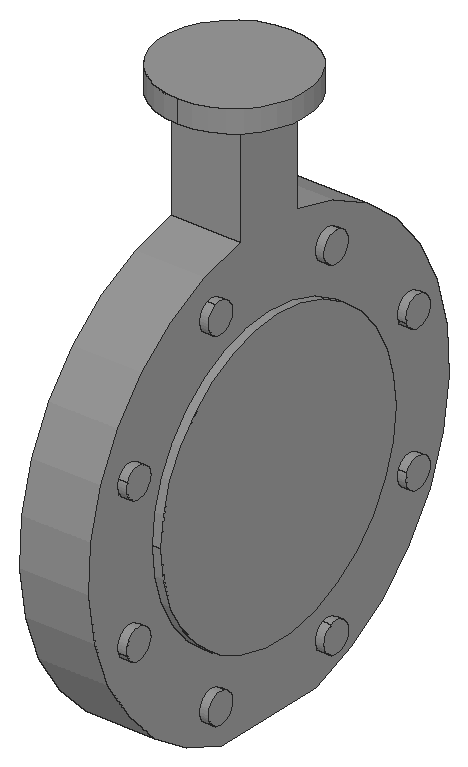
Revit family "Valve-Butterfly-VSI-Series_2100_2-24", category Pipe Accessories, Revit 2027 (continued)
Definition of nested family "2100SeriesButterfly_10LuggedBody"
  Forms (in)
    Sweep 1, solid, material <- "finish", visible <- "Complex"
      profile "2100SeriesButterfly_10Lugged : 2100SeriesButterfly_10Lugged" origin (0, 0, 0) x (-1, 0, 0) y (0, -1, 0)
        loop
          arc (6.57755, -0.52411) -> (6.60503, 0) -> (6.57755, 0.52411) r 5.01163
          arc (6.57755, 0.52411) -> (6.66933, 0.82649) -> (6.95004, 0.97162) r 0.40625
          arc (6.95004, 0.97162) -> (7.72689, 2.07247) -> (6.50117, 2.63193) r 0.87511
          arc (6.50117, 2.63193) -> (6.18556, 2.61585) -> (5.95392, 2.83082) r 0.40625
          arc (5.95392, 2.83082) -> (5.71404, 3.29909) -> (5.42844, 3.74095) r 5.24248
          arc (5.42844, 3.74095) -> (5.35808, 4.04906) -> (5.52984, 4.31436) r 0.40625
          arc (5.52984, 4.31436) -> (5.65685, 5.65685) -> (4.31436, 5.52984) r 0.875
          arc (4.31436, 5.52984) -> (4.04906, 5.35808) -> (3.74095, 5.42844) r 0.40625
          arc (3.74095, 5.42844) -> (3.29909, 5.71404) -> (2.83082, 5.95392) r 5.24248
          arc (2.83082, 5.95392) -> (2.61585, 6.18556) -> (2.63193, 6.50117) r 0.40625
          arc (2.63193, 6.50117) -> (2.58543, 7.34711) -> (1.84409, 7.75722) r 0.87511
          line (1.84409, 7.75722) -> (1.16834, 7.75722)
          arc (1.16834, 7.75722) -> (1.00224, 7.82602) -> (0.93343, 7.99213) r 0.2349
          line (0.93343, 7.99213) -> (-0.93343, 7.99213)
          arc (-0.93343, 7.99213) -> (-1.00224, 7.82602) -> (-1.16834, 7.75722) r 0.2349
          line (-1.16834, 7.75722) -> (-1.84409, 7.75722)
          arc (-1.84409, 7.75722) -> (-2.58543, 7.34711) -> (-2.63193, 6.50117) r 0.87511
          arc (-2.63193, 6.50117) -> (-2.61585, 6.18556) -> (-2.83082, 5.95392) r 0.40625
          arc (-2.83082, 5.95392) -> (-3.29909, 5.71404) -> (-3.74095, 5.42844) r 5.24248
          arc (-3.74095, 5.42844) -> (-4.04906, 5.35808) -> (-4.31436, 5.52984) r 0.40625
          arc (-4.31436, 5.52984) -> (-5.65685, 5.65685) -> (-5.52984, 4.31436) r 0.875
          arc (-5.52984, 4.31436) -> (-5.35808, 4.04906) -> (-5.42844, 3.74095) r 0.40625
          arc (-5.42844, 3.74095) -> (-5.71404, 3.29909) -> (-5.95392, 2.83082) r 5.24248
          arc (-5.95392, 2.83082) -> (-6.18556, 2.61585) -> (-6.50117, 2.63193) r 0.40625
          arc (-6.50117, 2.63193) -> (-7.72689, 2.07247) -> (-6.95004, 0.97162) r 0.87511
          arc (-6.95004, 0.97162) -> (-6.66933, 0.82649) -> (-6.57755, 0.52411) r 0.40625
          arc (-6.57755, 0.52411) -> (-6.60503, 0) -> (-6.57755, -0.52411) r 5.01163
          arc (-6.57755, -0.52411) -> (-6.66933, -0.82649) -> (-6.95004, -0.97162) r 0.40625
          arc (-6.95004, -0.97162) -> (-7.72689, -2.07247) -> (-6.50117, -2.63193) r 0.87511
          arc (-6.50117, -2.63193) -> (-6.18556, -2.61585) -> (-5.95392, -2.83082) r 0.40625
          arc (-5.95392, -2.83082) -> (-5.71404, -3.29909) -> (-5.42844, -3.74095) r 5.24248
          arc (-5.42844, -3.74095) -> (-5.35808, -4.04906) -> (-5.52984, -4.31436) r 0.40625
          arc (-5.52984, -4.31436) -> (-5.65685, -5.65685) -> (-4.31436, -5.52984) r 0.875
          arc (-4.31436, -5.52984) -> (-4.04906, -5.35808) -> (-3.74095, -5.42844) r 0.40625
          arc (-3.74095, -5.42844) -> (-3.29909, -5.71404) -> (-2.83082, -5.95392) r 5.24248
          arc (-2.83082, -5.95392) -> (-2.61585, -6.18556) -> (-2.63193, -6.50117) r 0.40625
          arc (-2.63193, -6.50117) -> (-2.58543, -7.34711) -> (-1.84409, -7.75722) r 0.87511
          line (-1.84409, -7.75722) -> (-1.5748, -7.75722)
          arc (-1.5748, -7.75722) -> (-1.29641, -7.87253) -> (-1.1811, -8.15092) r 0.3937
          line (-1.1811, -8.15092) -> (-1.1811, -9.33071) -> (1.1811, -9.33071)
    Extrusion 2, solid, material <- "finish", visible <- "Complex"
      sketch origin (0, 0, 0) x (1, 0, 0) y (0, 0, 1)
        loop
          line (-0.82755, 1.1811) -> (-1.1811, 0.82755) -> (-1.1811, -0.82755) -> (-0.82755, -1.1811) -> (0.82755, -1.1811) -> (1.1811, -0.82755) -> (1.1811, 0.82755) -> (0.82755, 1.1811) -> (-0.82755, 1.1811)
      from -9.33071 to -10.9375
    Extrusion 3, solid, material <- "finish", visible <- "valvevis"
      sketch origin (0, 0.93984, 0) x (1, 0, 0) y (0, 0, 1)
        loop
          circle (0, 0) r 2.46875
      from -10.56016 to -9.99766
    Extrusion 4, solid, material <- "finish", visible <- "simpvis"
      sketch origin (0, 0, 0) x (1, 0, 0) y (0, 1, 0)
        loop
          arc (-1.1811, 7.91233) -> (0, -8) -> (1.1811, 7.91233) r 8
          line (1.1811, 7.91233) -> (1.1811, 10.9375) -> (-1.1811, 10.9375) -> (-1.1811, 7.91233)
      from -1.1811 to 1.1811
  Dimensions and locks (in)
    plane 1 "Center (Front/Back)" to plane 4 = 0' - 11 1/2"
    aligned and locked: plane 2 to level
Definition of nested family "2100SeriesButterfly_12LuggedBody"
  Parameters (values of type "2100SeriesButterfly_12LuggedBody")
    valvevis [instance] = selection = 12  # yes
    simpvis [instance] = and(valvevis, Simplified)  # yes
    selection [instance] = 12
    interior component [instance] = none
    finish [instance] = none
    Simplified [instance] = yes
    Default Elevation = 4' - 0"
    Complex [instance] = and(valvevis, not(Simplified))  # no
  Reference planes (in)
    plane 1 "Center (Front/Back)": y = 0
    plane 2: z = 0
    plane 3 "Center (Left/Right)": x = 0
    plane 4: y = 13.27
  Forms (in)
    Sweep 1, solid, material <- "finish", visible <- "Complex"
      path origin (0, 0, 0) x (1, 0, 0) y (0, 0, 1)
        loop
          line (0, -1.4567) -> (0, 1.4567)
      profile "2100SeriesButterfly_12Lugged : 2100SeriesButterfly_12Lugged" origin (0, 0, 0) x (-1, 0, 0) y (0, -1, 0)
        loop
          arc (2.94716, -7.28778) -> (3.93057, -6.80795) -> (4.83782, -6.19621) r 7.86114
          line (4.83782, -6.19621) -> (5.26156, -6.67577)
          arc (5.26156, -6.67577) -> (6.72082, -6.72082) -> (6.67577, -5.26156) r 1.00191
          line (6.67577, -5.26156) -> (6.19621, -4.83782)
          arc (6.19621, -4.83782) -> (6.80795, -3.93057) -> (7.28778, -2.94716) r 7.86114
          line (7.28778, -2.94716) -> (7.89453, -3.15061)
          arc (7.89453, -3.15061) -> (9.18082, -2.45999) -> (8.41217, -1.21876) r 1.00191
          line (8.41217, -1.21876) -> (7.78499, -1.09157)
          arc (7.78499, -1.09157) -> (7.86114, 0) -> (7.78499, 1.09157) r 7.86114
          line (7.78499, 1.09157) -> (8.41217, 1.21876)
          arc (8.41217, 1.21876) -> (9.19497, 2.3998) -> (8.01393, 3.1826) r 1.00191
          line (8.01393, 3.1826) -> (7.25433, 3.02856)
          arc (7.25433, 3.02856) -> (6.78584, 3.96862) -> (6.19621, 4.83782) r 7.86114
          line (6.19621, 4.83782) -> (6.67577, 5.26156)
          arc (6.67577, 5.26156) -> (6.72082, 6.72082) -> (5.26156, 6.67577) r 1.00191
          line (5.26156, 6.67577) -> (4.83782, 6.19621)
          arc (4.83782, 6.19621) -> (3.93057, 6.80795) -> (2.94716, 7.28778) r 7.86114
          line (2.94716, 7.28778) -> (3.15061, 7.89453)
          arc (3.15061, 7.89453) -> (2.5192, 9.16298) -> (1.25075, 8.53156) r 1.00191
          line (1.25075, 8.53156) -> (1.00435, 7.79672)
          arc (1.00435, 7.79672) -> (0, 7.86114) -> (-1.00435, 7.79672) r 7.86114
          line (-1.00435, 7.79672) -> (-1.25075, 8.53156)
          arc (-1.25075, 8.53156) -> (-2.5192, 9.16298) -> (-3.15061, 7.89453) r 1.00191
          line (-3.15061, 7.89453) -> (-2.94716, 7.28778)
          arc (-2.94716, 7.28778) -> (-3.93057, 6.80795) -> (-4.83782, 6.19621) r 7.86114
          line (-4.83782, 6.19621) -> (-5.26156, 6.67577)
          arc (-5.26156, 6.67577) -> (-6.72082, 6.72082) -> (-6.67577, 5.26156) r 1.00191
          line (-6.67577, 5.26156) -> (-6.19621, 4.83782)
          arc (-6.19621, 4.83782) -> (-6.78584, 3.96862) -> (-7.25433, 3.02856) r 7.86114
          line (-7.25433, 3.02856) -> (-8.01393, 3.1826)
          arc (-8.01393, 3.1826) -> (-9.19497, 2.3998) -> (-8.41217, 1.21876) r 1.00191
          line (-8.41217, 1.21876) -> (-7.78499, 1.09157)
          arc (-7.78499, 1.09157) -> (-7.86114, 0) -> (-7.78499, -1.09157) r 7.86114
          line (-7.78499, -1.09157) -> (-8.41217, -1.21876)
          arc (-8.41217, -1.21876) -> (-9.18082, -2.45999) -> (-7.89453, -3.15061) r 1.00191
          line (-7.89453, -3.15061) -> (-7.28778, -2.94716)
          arc (-7.28778, -2.94716) -> (-6.80795, -3.93057) -> (-6.19621, -4.83782) r 7.86114
          line (-6.19621, -4.83782) -> (-6.67577, -5.26156)
          arc (-6.67577, -5.26156) -> (-6.72082, -6.72082) -> (-5.26156, -6.67577) r 1.00191
          line (-5.26156, -6.67577) -> (-4.83782, -6.19621)
          arc (-4.83782, -6.19621) -> (-3.93057, -6.80795) -> (-2.94716, -7.28778) r 7.86114
          line (-2.94716, -7.28778) -> (-3.15061, -7.89453)
          arc (-3.15061, -7.89453) -> (-2.5192, -9.16298) -> (-1.25075, -8.53156) r 1.00191
          line (-1.25075, -8.53156) -> (-1.00435, -7.79672)
          arc (-1.00435, -7.79672) -> (0, -7.86114) -> (1.00435, -7.79672) r 7.86114
          line (1.00435, -7.79672) -> (1.25075, -8.53156)
          arc (1.25075, -8.53156) -> (2.5192, -9.16298) -> (3.15061, -7.89453) r 1.00191
          line (3.15061, -7.89453) -> (2.94716, -7.28778)
    Extrusion 2, solid, material <- "finish", visible <- "Complex"
      sketch origin (0, 0, 0) x (1, 0, 0) y (0, 0, 1)
        loop
          line (-0.84467, 1.375) -> (-1.375, 0.84467) -> (-1.375, -0.84467) -> (-0.84467, -1.375) -> (0.84467, -1.375) -> (1.375, -0.84467) -> (1.375, 0.84467) -> (0.84467, 1.375) -> (-0.84467, 1.375)
      from -9.21496 to -12.7075
    Extrusion 3, solid, material <- "finish", visible <- "valvevis"
      sketch origin (0, 2.70984, 0) x (1, 0, 0) y (0, 0, 1)
        loop
          circle (0, 0) r 2.46875
      from -10.56016 to -9.99766
    Extrusion 4, solid, material <- "finish", visible <- "Complex"
      sketch origin (0, 0, 0) x (1, 0, 0) y (0, 1, 0)
        loop
          line (1.96875, -9.53125) -> (2.725, -9.06681)
          arc (2.725, -9.06681) -> (1.85876, -9.15481) -> (1.25075, -8.53156) r 1.00191
          line (1.25075, -8.53156) -> (1.00435, -7.79672)
          arc (1.00435, -7.79672) -> (0, -7.86114) -> (-1.00435, -7.79672) r 7.86114
          line (-1.00435, -7.79672) -> (-1.25075, -8.53156)
          arc (-1.25075, -8.53156) -> (-1.85876, -9.15481) -> (-2.725, -9.06681) r 1.00191
          line (-2.725, -9.06681) -> (-1.96875, -9.53125) -> (1.96875, -9.53125)
        loop
          arc (-2.20068, 9.21496) -> (-1.61557, 9.02636) -> (-1.25075, 8.53156) r 1.00191
          line (-1.25075, 8.53156) -> (-1.00435, 7.79672)
          arc (-1.00435, 7.79672) -> (0, 7.86114) -> (1.00435, 7.79672) r 7.86114
          line (1.00435, 7.79672) -> (1.25075, 8.53156)
          arc (1.25075, 8.53156) -> (1.61557, 9.02636) -> (2.20068, 9.21496) r 1.00191
          line (2.20068, 9.21496) -> (-2.20068, 9.21496)
      from -1.375 to 1.375
    Extrusion 5, solid, material <- "finish", visible <- "simpvis"
      sketch origin (0, 0, 0) x (1, 0, 0) y (0, 1, 0)
        loop
          arc (-1.375, 9.4047) -> (0, -9.50468) -> (1.375, 9.4047) r 9.50468
          line (1.375, 9.4047) -> (1.375, 12.7075) -> (-1.375, 12.7075) -> (-1.375, 9.4047)
      from -1.4567 to 1.4567
  Dimensions and locks (in)
    plane 1 "Center (Front/Back)" to plane 4 = 1' - 1.27"
    aligned and locked: plane 2 to level
Definition of nested family "2100SeriesButterfly_14LuggedBody"
  Parameters (values of type "2100SeriesButterfly_14LuggedBody")
    valvevis [instance] = selection = 14  # yes
    simpvis [instance] = and(valvevis, Simplified)  # yes
    selection [instance] = 14
    interior component [instance] = none
    finish [instance] = none
    Simplified [instance] = yes
    Default Elevation = 4' - 0"
    Complex [instance] = and(valvevis, not(Simplified))  # no
  Reference planes (in)
    plane 1 "Center (Front/Back)": y = 0
    plane 2: z = 0
    plane 3 "Center (Left/Right)": x = 0
    plane 4: y = 14.5
  Forms (in)
    Sweep 1, solid, material <- "finish", visible <- "Complex"
      path origin (0, 0, 0) x (1, 0, 0) y (0, 0, 1)
        loop
          line (0, -1.3775) -> (0, 1.3775)
      profile "2100SeriesButterfly_14Lugged : 2100SeriesButterfly_14Lugged" origin (0, 0, 0) x (-1, 0, 0) y (0, -1, 0)
        loop
          arc (1.30543, -9.17617) -> (2.7173, -10.14217) -> (3.4571, -8.59969) r 1.12691
          arc (3.4571, -8.59969) -> (3.44945, -8.29101) -> (3.66102, -8.06611) r 0.40625
          arc (3.66102, -8.06611) -> (4.42903, -7.67131) -> (5.15495, -7.2036) r 8.85806
          arc (5.15495, -7.2036) -> (5.4555, -7.13281) -> (5.71901, -7.29378) r 0.40625
          arc (5.71901, -7.29378) -> (7.42473, -7.42434) -> (7.29408, -5.71862) r 1.12691
          arc (7.29408, -5.71862) -> (7.1331, -5.45513) -> (7.20387, -5.15457) r 0.40625
          arc (7.20387, -5.15457) -> (7.67142, -4.42883) -> (8.06611, -3.66102) r 8.85806
          arc (8.06611, -3.66102) -> (8.29101, -3.44945) -> (8.59969, -3.4571) r 0.40625
          arc (8.59969, -3.4571) -> (10.14217, -2.7173) -> (9.17617, -1.30543) r 1.12691
          arc (9.17617, -1.30543) -> (8.90501, -1.15773) -> (8.81602, -0.86205) r 0.40625
          arc (8.81602, -0.86205) -> (8.85806, 0) -> (8.81602, 0.86205) r 8.85806
          arc (8.81602, 0.86205) -> (8.90501, 1.15773) -> (9.17617, 1.30543) r 0.40625
          arc (9.17617, 1.30543) -> (10.14217, 2.7173) -> (8.59969, 3.4571) r 1.12691
          arc (8.59969, 3.4571) -> (8.29101, 3.44945) -> (8.06611, 3.66102) r 0.40625
          arc (8.06611, 3.66102) -> (7.67142, 4.42883) -> (7.20387, 5.15457) r 8.85806
          arc (7.20387, 5.15457) -> (7.1331, 5.45513) -> (7.29408, 5.71862) r 0.40625
          arc (7.29408, 5.71862) -> (7.42473, 7.42434) -> (5.71901, 7.29378) r 1.12691
          arc (5.71901, 7.29378) -> (5.4555, 7.13281) -> (5.15495, 7.2036) r 0.40625
          arc (5.15495, 7.2036) -> (4.42903, 7.67131) -> (3.66102, 8.06611) r 8.85806
          arc (3.66102, 8.06611) -> (3.44945, 8.29101) -> (3.4571, 8.59969) r 0.40625
          arc (3.4571, 8.59969) -> (2.7173, 10.14217) -> (1.30543, 9.17617) r 1.12691
          arc (1.30543, 9.17617) -> (1.15773, 8.90501) -> (0.86205, 8.81602) r 0.40625
          arc (0.86205, 8.81602) -> (0, 8.85806) -> (-0.86205, 8.81602) r 8.85806
          arc (-0.86205, 8.81602) -> (-1.15773, 8.90501) -> (-1.30543, 9.17617) r 0.40625
          arc (-1.30543, 9.17617) -> (-2.7173, 10.14217) -> (-3.4571, 8.59969) r 1.12691
          arc (-3.4571, 8.59969) -> (-3.44945, 8.29101) -> (-3.66102, 8.06611) r 0.40625
          arc (-3.66102, 8.06611) -> (-4.42903, 7.67131) -> (-5.15495, 7.2036) r 8.85806
          arc (-5.15495, 7.2036) -> (-5.4555, 7.13281) -> (-5.71901, 7.29378) r 0.40625
          arc (-5.71901, 7.29378) -> (-7.42473, 7.42434) -> (-7.29408, 5.71862) r 1.12691
          arc (-7.29408, 5.71862) -> (-7.1331, 5.45513) -> (-7.20387, 5.15457) r 0.40625
          arc (-7.20387, 5.15457) -> (-7.67142, 4.42883) -> (-8.06611, 3.66102) r 8.85806
          arc (-8.06611, 3.66102) -> (-8.29101, 3.44945) -> (-8.59969, 3.4571) r 0.40625
          arc (-8.59969, 3.4571) -> (-10.14217, 2.7173) -> (-9.17617, 1.30543) r 1.12691
          arc (-9.17617, 1.30543) -> (-8.90501, 1.15773) -> (-8.81602, 0.86205) r 0.40625
          arc (-8.81602, 0.86205) -> (-8.85806, 0) -> (-8.81602, -0.86205) r 8.85806
          arc (-8.81602, -0.86205) -> (-8.90501, -1.15773) -> (-9.17617, -1.30543) r 0.40625
          arc (-9.17617, -1.30543) -> (-10.14217, -2.7173) -> (-8.59969, -3.4571) r 1.12691
          arc (-8.59969, -3.4571) -> (-8.29101, -3.44945) -> (-8.06611, -3.66102) r 0.40625
          arc (-8.06611, -3.66102) -> (-7.67142, -4.42883) -> (-7.20387, -5.15457) r 8.85806
          arc (-7.20387, -5.15457) -> (-7.1331, -5.45513) -> (-7.29408, -5.71862) r 0.40625
          arc (-7.29408, -5.71862) -> (-7.42473, -7.42434) -> (-5.71901, -7.29378) r 1.12691
          arc (-5.71901, -7.29378) -> (-5.4555, -7.13281) -> (-5.15495, -7.2036) r 0.40625
          arc (-5.15495, -7.2036) -> (-4.42903, -7.67131) -> (-3.66102, -8.06611) r 8.85806
          arc (-3.66102, -8.06611) -> (-3.44945, -8.29101) -> (-3.4571, -8.59969) r 0.40625
          arc (-3.4571, -8.59969) -> (-2.7173, -10.14217) -> (-1.30543, -9.17617) r 1.12691
          arc (-1.30543, -9.17617) -> (-1.15773, -8.90501) -> (-0.86205, -8.81602) r 0.40625
          arc (-0.86205, -8.81602) -> (0, -8.85806) -> (0.86205, -8.81602) r 8.85806
          arc (0.86205, -8.81602) -> (1.15773, -8.90501) -> (1.30543, -9.17617) r 0.40625
    Extrusion 2, solid, material <- "finish", visible <- "Complex"
      sketch origin (0, 0, 0) x (1, 0, 0) y (0, 0, 1)
        loop
          line (-0.65717, 1.1875) -> (-1.1875, 0.65717) -> (-1.1875, -0.65717) -> (-0.65717, -1.1875) -> (0.65717, -1.1875) -> (1.1875, -0.65717) -> (1.1875, 0.65717) -> (0.65717, 1.1875) -> (-0.65717, 1.1875)
      from -11.93903 to -13.9375
    Extrusion 3, solid, material <- "finish", visible <- "valvevis"
      sketch origin (0, 3.93984, 0) x (1, 0, 0) y (0, 0, 1)
        loop
          circle (0, 0) r 2.46875
      from -10.56016 to -9.99766
    Extrusion 4, solid, material <- "finish", visible <- "Complex"
      sketch origin (0, 0, 0) x (1, 0, 0) y (0, 1, 0)
        loop
          line (2.0665, -10.51) -> (2.94505, -10.05374)
          arc (2.94505, -10.05374) -> (1.89389, -10.0472) -> (1.30543, -9.17617) r 1.12691
          arc (1.30543, -9.17617) -> (1.15773, -8.90501) -> (0.86205, -8.81602) r 0.40625
          arc (0.86205, -8.81602) -> (0, -8.85806) -> (-0.86205, -8.81602) r 8.85806
          arc (-0.86205, -8.81602) -> (-1.15773, -8.90501) -> (-1.30543, -9.17617) r 0.40625
          arc (-1.30543, -9.17617) -> (-1.89389, -10.0472) -> (-2.94505, -10.05374) r 1.12691
          line (-2.94505, -10.05374) -> (-2.0665, -10.51) -> (2.0665, -10.51)
        loop
          arc (-2.42566, 10.18056) -> (-1.67338, 9.8927) -> (-1.30543, 9.17617) r 1.12691
          arc (-1.30543, 9.17617) -> (-1.15773, 8.90501) -> (-0.86205, 8.81602) r 0.40625
          arc (-0.86205, 8.81602) -> (0, 8.85806) -> (0.86205, 8.81602) r 8.85806
          arc (0.86205, 8.81602) -> (1.15773, 8.90501) -> (1.30543, 9.17617) r 0.40625
          arc (1.30543, 9.17617) -> (1.67338, 9.8927) -> (2.42566, 10.18056) r 1.12691
          line (2.42566, 10.18056) -> (-2.42566, 10.18056)
      from -1.28125 to 1.28125
    Extrusion 5, solid, material <- "finish", visible <- "Complex"
      sketch origin (0, 0, 0) x (1, 0, 0) y (0, 0, 1)
        loop
          line (-1.1875, 1.1875) -> (-1.1875, -1.1875) -> (1.1875, -1.1875) -> (1.1875, 1.1875) -> (-1.1875, 1.1875)
      from -11.93903 to -10.18056
    Extrusion 6, solid, material <- "finish", visible <- "simpvis"
      sketch origin (0, 0, 0) x (1, 0, 0) y (0, 1, 0)
        loop
          arc (-1.1875, 10.43251) -> (0, -10.49988) -> (1.1875, 10.43251) r 10.49988
          line (1.1875, 10.43251) -> (1.1875, 13.9375) -> (-1.1875, 13.9375) -> (-1.1875, 10.43251)
      from -1.3775 to 1.3775
  Dimensions and locks (in)
    plane 1 "Center (Front/Back)" to plane 4 = 1' - 2 1/2"
    aligned and locked: plane 2 to level
Definition of nested family "2100SeriesButterfly_16LuggedBody"
  Parameters (values of type "2100SeriesButterfly_16LuggedBody")
    valvevis [instance] = selection = 16  # yes
    simpvis [instance] = and(valvevis, Simplified)  # yes
    selection [instance] = 16
    interior component [instance] = none
    finish [instance] = none
    Simplified [instance] = yes
    Default Elevation = 4' - 0"
    Complex [instance] = and(valvevis, not(Simplified))  # no
  Reference planes (in)
    plane 1 "Center (Front/Back)": y = 0
    plane 2: z = 0
    plane 3 "Center (Left/Right)": x = 0
    plane 4: y = 15.75
  Forms (in)
    Sweep 1, solid, material <- "finish", visible <- "Complex"
      path origin (0, 0, 0) x (1, 0, 0) y (0, 0, 1)
        loop
          line (0, -1.92915) -> (0, 1.92915)
      profile "2100SeriesButterfly_16Lugged : 2100SeriesButterfly_16Lugged" origin (0, 0, 0) x (-1, 0, 0) y (0, -1, 0)
        loop
          arc (-0.63062, -10.01704) -> (0, -10.03687) -> (0.63062, -10.01704) r 10.03687
          line (0.63062, -10.01704) -> (0.70385, -10.60166)
          arc (0.70385, -10.60166) -> (2.42462, -11.76644) -> (3.35378, -9.90784) r 1.38155
          arc (3.35378, -9.90784) -> (3.35716, -9.59274) -> (3.58481, -9.37486) r 0.40625
          arc (3.58481, -9.37486) -> (3.84094, -9.27286) -> (4.09418, -9.16386) r 10.03687
          arc (4.09418, -9.16386) -> (4.40922, -9.15697) -> (4.63442, -9.37738) r 0.40625
          arc (4.63442, -9.37738) -> (5.96622, -10.22243) -> (7.22221, -9.26834) r 1.38155
          arc (7.22221, -9.26834) -> (8.3085, -8.3085) -> (9.26834, -7.22221) r 11.75
          arc (9.26834, -7.22221) -> (10.22243, -5.96622) -> (9.37738, -4.63442) r 1.38155
          arc (9.37738, -4.63442) -> (9.15697, -4.40922) -> (9.16386, -4.09418) r 0.40625
          arc (9.16386, -4.09418) -> (9.27286, -3.84094) -> (9.37486, -3.58481) r 10.03687
          arc (9.37486, -3.58481) -> (9.59274, -3.35716) -> (9.90784, -3.35378) r 0.40625
          arc (9.90784, -3.35378) -> (11.78494, -2.34422) -> (10.43708, -0.69316) r 1.38155
          arc (10.43708, -0.69316) -> (10.14727, -0.56945) -> (10.03308, -0.27575) r 0.40625
          arc (10.03308, -0.27575) -> (10.03687, 0) -> (10.03308, 0.27575) r 10.03687
          arc (10.03308, 0.27575) -> (10.14727, 0.56945) -> (10.43708, 0.69316) r 0.40625
          arc (10.43708, 0.69316) -> (11.78494, 2.34422) -> (9.90784, 3.35378) r 1.38155
          arc (9.90784, 3.35378) -> (9.59274, 3.35716) -> (9.37486, 3.58481) r 0.40625
          arc (9.37486, 3.58481) -> (9.27286, 3.84094) -> (9.16386, 4.09418) r 10.03687
          arc (9.16386, 4.09418) -> (9.15697, 4.40922) -> (9.37738, 4.63442) r 0.40625
          arc (9.37738, 4.63442) -> (10.22243, 5.96622) -> (9.26834, 7.22221) r 1.38155
          arc (9.26834, 7.22221) -> (8.3085, 8.3085) -> (7.22221, 9.26834) r 11.75
          arc (7.22221, 9.26834) -> (5.96622, 10.22243) -> (4.63442, 9.37738) r 1.38155
          arc (4.63442, 9.37738) -> (4.40922, 9.15697) -> (4.09418, 9.16386) r 0.40625
          arc (4.09418, 9.16386) -> (3.84094, 9.27286) -> (3.58481, 9.37486) r 10.03687
          arc (3.58481, 9.37486) -> (3.35716, 9.59274) -> (3.35378, 9.90784) r 0.40625
          arc (3.35378, 9.90784) -> (2.51951, 11.73792) -> (0.74249, 10.7959) r 1.38155
          line (0.74249, 10.7959) -> (0.53013, 10.02286)
          arc (0.53013, 10.02286) -> (0, 10.03687) -> (-0.53013, 10.02286) r 10.03687
          line (-0.53013, 10.02286) -> (-0.74249, 10.7959)
          arc (-0.74249, 10.7959) -> (-2.51951, 11.73792) -> (-3.35378, 9.90784) r 1.38155
          arc (-3.35378, 9.90784) -> (-3.35716, 9.59274) -> (-3.58481, 9.37486) r 0.40625
          arc (-3.58481, 9.37486) -> (-3.84094, 9.27286) -> (-4.09418, 9.16386) r 10.03687
          arc (-4.09418, 9.16386) -> (-4.40922, 9.15697) -> (-4.63442, 9.37738) r 0.40625
          arc (-4.63442, 9.37738) -> (-6.6756, 9.99083) -> (-6.88999, 7.87027) r 1.38155
          arc (-6.88999, 7.87027) -> (-6.77254, 7.57786) -> (-6.89947, 7.28945) r 0.40625
          arc (-6.89947, 7.28945) -> (-7.09714, 7.09714) -> (-7.28945, 6.89947) r 10.03687
          arc (-7.28945, 6.89947) -> (-7.57786, 6.77254) -> (-7.87027, 6.88999) r 0.40625
          arc (-7.87027, 6.88999) -> (-9.99083, 6.6756) -> (-9.37738, 4.63442) r 1.38155
          arc (-9.37738, 4.63442) -> (-9.15697, 4.40922) -> (-9.16386, 4.09418) r 0.40625
          arc (-9.16386, 4.09418) -> (-9.27286, 3.84094) -> (-9.37486, 3.58481) r 10.03687
          arc (-9.37486, 3.58481) -> (-9.59274, 3.35716) -> (-9.90784, 3.35378) r 0.40625
          arc (-9.90784, 3.35378) -> (-11.78494, 2.34422) -> (-10.43708, 0.69316) r 1.38155
          arc (-10.43708, 0.69316) -> (-10.14727, 0.56945) -> (-10.03308, 0.27575) r 0.40625
          arc (-10.03308, 0.27575) -> (-10.03687, 0) -> (-10.03308, -0.27575) r 10.03687
          arc (-10.03308, -0.27575) -> (-10.14727, -0.56945) -> (-10.43708, -0.69316) r 0.40625
          arc (-10.43708, -0.69316) -> (-11.78494, -2.34422) -> (-9.90784, -3.35378) r 1.38155
          arc (-9.90784, -3.35378) -> (-9.59274, -3.35716) -> (-9.37486, -3.58481) r 0.40625
          arc (-9.37486, -3.58481) -> (-9.27286, -3.84094) -> (-9.16386, -4.09418) r 10.03687
          arc (-9.16386, -4.09418) -> (-9.15697, -4.40922) -> (-9.37738, -4.63442) r 0.40625
          arc (-9.37738, -4.63442) -> (-10.22243, -5.96622) -> (-9.26834, -7.22221) r 1.38155
          arc (-9.26834, -7.22221) -> (-8.3085, -8.3085) -> (-7.22221, -9.26834) r 11.75
          arc (-7.22221, -9.26834) -> (-5.96622, -10.22243) -> (-4.63442, -9.37738) r 1.38155
          arc (-4.63442, -9.37738) -> (-4.40922, -9.15697) -> (-4.09418, -9.16386) r 0.40625
          arc (-4.09418, -9.16386) -> (-3.84094, -9.27286) -> (-3.58481, -9.37486) r 10.03687
          arc (-3.58481, -9.37486) -> (-3.35716, -9.59274) -> (-3.35378, -9.90784) r 0.40625
          arc (-3.35378, -9.90784) -> (-2.42462, -11.76644) -> (-0.70385, -10.60166) r 1.38155
          line (-0.70385, -10.60166) -> (-0.63062, -10.01704)
    Extrusion 2, solid, material <- "finish", visible <- "Complex"
      sketch origin (0, 0, 0) x (1, 0, 0) y (0, 0, 1)
        loop
          line (-1.32222, 1.67915) -> (-1.9375, 1.06387) -> (-1.9375, -1.06387) -> (-1.32222, -1.67915) -> (1.32222, -1.67915) -> (1.9375, -1.06387) -> (1.9375, 1.06387) -> (1.32222, 1.67915) -> (-1.32222, 1.67915)
      from -9.26834 to -14.75
    Extrusion 3, solid, material <- "finish", visible <- "valvevis"
      sketch origin (0, 5.18984, 0) x (1, 0, 0) y (0, 0, 1)
        loop
          circle (0, 0) r 3.4375
      from -10.56016 to -9.56016
    Extrusion 4, solid, material <- "finish", visible <- "Complex"
      sketch origin (0, 0, 0) x (1, 0, 0) y (0, 1, 0)
        loop
          line (-2.07469, -11.81149) -> (2.07469, -11.81149)
          arc (2.07469, -11.81149) -> (1.23711, -11.52864) -> (0.74249, -10.7959) r 1.38155
          line (0.74249, -10.7959) -> (0.53013, -10.02286)
          arc (0.53013, -10.02286) -> (0, -10.03687) -> (-0.53013, -10.02286) r 10.03687
          line (-0.53013, -10.02286) -> (-0.74249, -10.7959)
          arc (-0.74249, -10.7959) -> (-1.23711, -11.52864) -> (-2.07469, -11.81149) r 1.38155
      from -1.875 to 1.875
    Extrusion 5, solid, material <- "finish", visible <- "simpvis"
      sketch origin (0, 0, 0) x (1, 0, 0) y (0, 1, 0)
        loop
          arc (-1.9375, 11.8586) -> (0, -12.01583) -> (1.9375, 11.8586) r 12.01583
          line (1.9375, 11.8586) -> (1.9375, 14.75) -> (-1.9375, 14.75) -> (-1.9375, 11.8586)
      from -1.92915 to 1.92915
  Dimensions and locks (in)
    plane 1 "Center (Front/Back)" to plane 4 = 1' - 3 3/4"
    aligned and locked: plane 2 to level
Definition of nested family "2100SeriesButterfly_18LuggedBody"
  Parameters (values of type "2100SeriesButterfly_18LuggedBody")
    valvevis [instance] = selection = 18  # yes
    simpvis [instance] = and(valvevis, Simplified)  # yes
    selection [instance] = 18
    interior component [instance] = none
    finish [instance] = none
    Simplified [instance] = yes
    Default Elevation = 4' - 0"
    Complex [instance] = and(valvevis, not(Simplified))  # no
  Reference planes (in)
    plane 1 "Center (Front/Back)": y = 0
    plane 2: z = 0
    plane 3 "Center (Left/Right)": x = 0
    plane 4: y = 16.61
  Forms (in)
    Sweep 1, solid, material <- "finish", visible <- "Complex"
      path origin (0, 0, 0) x (1, 0, 0) y (0, 0, 1)
        loop
          line (0, -2.0866) -> (0, 2.0866)
      profile "2100SeriesButterfly_18Lugged : 2100SeriesButterfly_18Lugged" origin (0, 0, 0) x (-1, 0, 0) y (0, -1, 0)
        loop
          arc (3.81317, -9.81712) -> (4.03212, -9.72925) -> (4.24904, -9.63649) r 10.53168
          arc (4.24904, -9.63649) -> (4.58513, -9.64025) -> (4.80335, -9.89588) r 0.40625
          arc (4.80335, -9.89588) -> (6.42894, -11.03849) -> (7.89177, -9.69381) r 1.58391
          arc (7.89177, -9.69381) -> (8.83883, -8.83883) -> (9.69381, -7.89177) r 12.5
          arc (9.69381, -7.89177) -> (11.03849, -6.42894) -> (9.89588, -4.80335) r 1.58391
          arc (9.89588, -4.80335) -> (9.64025, -4.58513) -> (9.63649, -4.24904) r 0.40625
          arc (9.63649, -4.24904) -> (9.72925, -4.03212) -> (9.81712, -3.81317) r 10.53168
          arc (9.81712, -3.81317) -> (10.05581, -3.5789) -> (10.38938, -3.6031) r 0.40625
          arc (10.38938, -3.6031) -> (12.68838, -2.52388) -> (10.97738, -0.64702) r 1.5776
          arc (10.97738, -0.64702) -> (10.65994, -0.54172) -> (10.52908, -0.23394) r 0.40625
          arc (10.52908, -0.23394) -> (10.53168, 0) -> (10.52908, 0.23394) r 10.53168
          arc (10.52908, 0.23394) -> (10.65994, 0.54172) -> (10.97738, 0.64702) r 0.40625
          arc (10.97738, 0.64702) -> (12.68838, 2.52388) -> (10.38938, 3.6031) r 1.5776
          arc (10.38938, 3.6031) -> (10.05581, 3.5789) -> (9.81712, 3.81317) r 0.40625
          arc (9.81712, 3.81317) -> (9.72925, 4.03212) -> (9.63649, 4.24904) r 10.53168
          arc (9.63649, 4.24904) -> (9.64025, 4.58513) -> (9.89588, 4.80335) r 0.40625
          arc (9.89588, 4.80335) -> (11.03849, 6.42894) -> (9.69381, 7.89177) r 1.58391
          arc (9.69381, 7.89177) -> (8.83883, 8.83883) -> (7.89177, 9.69381) r 12.5
          arc (7.89177, 9.69381) -> (6.42894, 11.03849) -> (4.80335, 9.89588) r 1.58391
          arc (4.80335, 9.89588) -> (4.58513, 9.64025) -> (4.24904, 9.63649) r 0.40625
          arc (4.24904, 9.63649) -> (4.03212, 9.72925) -> (3.81317, 9.81712) r 10.53168
          arc (3.81317, 9.81712) -> (3.5789, 10.05581) -> (3.6031, 10.38938) r 0.40625
          arc (3.6031, 10.38938) -> (2.79581, 12.60832) -> (0.68988, 11.54041) r 1.5776
          line (0.68988, 11.54041) -> (0.42372, 10.52315)
          arc (0.42372, 10.52315) -> (0, 10.53168) -> (-0.42372, 10.52315) r 10.53168
          line (-0.42372, 10.52315) -> (-0.68988, 11.54041)
          arc (-0.68988, 11.54041) -> (-2.79581, 12.60832) -> (-3.6031, 10.38938) r 1.5776
          arc (-3.6031, 10.38938) -> (-3.5789, 10.05581) -> (-3.81317, 9.81712) r 0.40625
          arc (-3.81317, 9.81712) -> (-4.03212, 9.72925) -> (-4.24904, 9.63649) r 10.53168
          arc (-4.24904, 9.63649) -> (-4.58513, 9.64025) -> (-4.80335, 9.89588) r 0.40625
          arc (-4.80335, 9.89588) -> (-7.20606, 10.77455) -> (-7.31155, 8.21839) r 1.58391
          arc (-7.31155, 8.21839) -> (-7.15863, 7.91908) -> (-7.2835, 7.60703) r 0.40625
          arc (-7.2835, 7.60703) -> (-7.44702, 7.44702) -> (-7.60703, 7.2835) r 10.53168
          arc (-7.60703, 7.2835) -> (-7.91908, 7.15863) -> (-8.21839, 7.31155) r 0.40625
          arc (-8.21839, 7.31155) -> (-10.77455, 7.20606) -> (-9.89588, 4.80335) r 1.58391
          arc (-9.89588, 4.80335) -> (-9.64025, 4.58513) -> (-9.63649, 4.24904) r 0.40625
          arc (-9.63649, 4.24904) -> (-9.72925, 4.03212) -> (-9.81712, 3.81317) r 10.53168
          arc (-9.81712, 3.81317) -> (-10.05581, 3.5789) -> (-10.38938, 3.6031) r 0.40625
          arc (-10.38938, 3.6031) -> (-12.68838, 2.52388) -> (-10.97738, 0.64702) r 1.5776
          arc (-10.97738, 0.64702) -> (-10.65994, 0.54172) -> (-10.52908, 0.23394) r 0.40625
          arc (-10.52908, 0.23394) -> (-10.53168, 0) -> (-10.52908, -0.23394) r 10.53168
          arc (-10.52908, -0.23394) -> (-10.65994, -0.54172) -> (-10.97738, -0.64702) r 0.40625
          arc (-10.97738, -0.64702) -> (-12.68838, -2.52388) -> (-10.38938, -3.6031) r 1.5776
          arc (-10.38938, -3.6031) -> (-10.05581, -3.5789) -> (-9.81712, -3.81317) r 0.40625
          arc (-9.81712, -3.81317) -> (-9.72925, -4.03212) -> (-9.63649, -4.24904) r 10.53168
          arc (-9.63649, -4.24904) -> (-9.64025, -4.58513) -> (-9.89588, -4.80335) r 0.40625
          arc (-9.89588, -4.80335) -> (-11.03849, -6.42894) -> (-9.69381, -7.89177) r 1.58391
          arc (-9.69381, -7.89177) -> (-8.83883, -8.83883) -> (-7.89177, -9.69381) r 12.5
          arc (-7.89177, -9.69381) -> (-6.42894, -11.03849) -> (-4.80335, -9.89588) r 1.58391
          arc (-4.80335, -9.89588) -> (-4.58513, -9.64025) -> (-4.24904, -9.63649) r 0.40625
          arc (-4.24904, -9.63649) -> (-4.03212, -9.72925) -> (-3.81317, -9.81712) r 10.53168
          arc (-3.81317, -9.81712) -> (-3.5789, -10.05581) -> (-3.6031, -10.38938) r 0.40625
          arc (-3.6031, -10.38938) -> (-2.70746, -12.64022) -> (-0.65324, -11.35623) r 1.5776
          line (-0.65324, -11.35623) -> (-0.53784, -10.51793)
          arc (-0.53784, -10.51793) -> (0, -10.53168) -> (0.53784, -10.51793) r 10.53168
          line (0.53784, -10.51793) -> (0.65324, -11.35623)
          arc (0.65324, -11.35623) -> (2.70746, -12.64022) -> (3.6031, -10.38938) r 1.5776
          arc (3.6031, -10.38938) -> (3.5789, -10.05581) -> (3.81317, -9.81712) r 0.40625
    Extrusion 2, solid, material <- "finish", visible <- "Complex"
      sketch origin (0, 0, 0) x (1, 0, 0) y (0, 0, 1)
        loop
          line (-1.32222, 1.9375) -> (-1.9375, 1.32222) -> (-1.9375, -1.32222) -> (-1.32222, -1.9375) -> (1.32222, -1.9375) -> (1.9375, -1.32222) -> (1.9375, 1.32222) -> (1.32222, 1.9375) -> (-1.32222, 1.9375)
      from -9.26834 to -15.61
    Extrusion 3, solid, material <- "finish", visible <- "valvevis"
      sketch origin (0, 6.04984, 0) x (1, 0, 0) y (0, 0, 1)
        loop
          circle (0, 0) r 3.4375
      from -10.56016 to -9.56016
    Extrusion 4, solid, material <- "finish", visible <- "Complex"
      sketch origin (0, 0, 0) x (1, 0, 0) y (0, 1, 0)
        loop
          line (-2.2161, -12.71869) -> (2.2161, -12.71869)
          arc (2.2161, -12.71869) -> (1.25203, -12.38985) -> (0.68988, -11.54041) r 1.5776
          line (0.68988, -11.54041) -> (0.42372, -10.52315)
          arc (0.42372, -10.52315) -> (0, -10.53168) -> (-0.42372, -10.52315) r 10.53168
          line (-0.42372, -10.52315) -> (-0.68988, -11.54041)
          arc (-0.68988, -11.54041) -> (-1.25203, -12.38985) -> (-2.2161, -12.71869) r 1.5776
      from -1.9375 to 1.9375
    Extrusion 5, solid, material <- "finish", visible <- "simpvis"
      sketch origin (0, 0, 0) x (1, 0, 0) y (0, 1, 0)
        loop
          arc (-1.9375, 12.78091) -> (0, -12.92693) -> (1.9375, 12.78091) r 12.92693
          line (1.9375, 12.78091) -> (1.9375, 15.61) -> (-1.9375, 15.61) -> (-1.9375, 12.78091)
      from -2.0866 to 2.0866
  Dimensions and locks (in)
    plane 1 "Center (Front/Back)" to plane 4 = 1' - 4.61"
    aligned and locked: plane 2 to level
Definition of nested family "2100SeriesButterfly_20LuggedBody"
  Parameters (values of type "2100SeriesButterfly_20LuggedBody")
    valvevis [instance] = selection = 20  # yes
    simpvis [instance] = and(valvevis, Simplified)  # yes
    selection [instance] = 20
    interior component [instance] = none
    finish [instance] = none
    Simplified [instance] = yes
    Default Elevation = 4' - 0"
    Complex [instance] = and(valvevis, not(Simplified))  # no
  Reference planes (in)
    plane 1 "Center (Front/Back)": y = 0
    plane 2: z = 0
    plane 3 "Center (Left/Right)": x = 0
    plane 4: y = 18.90625
  Forms (in)
    Sweep 1, solid, material <- "finish", visible <- "Complex"
      path origin (0, 0, 0) x (1, 0, 0) y (0, 0, 1)
        loop
          line (0, -2.375) -> (0, 2.375)
      profile "2100SeriesButterfly_20Lugged : 2100SeriesButterfly_20Lugged" origin (0, 0, 0) x (-1, 0, 0) y (0, -1, 0)
        loop
          arc (7.11586, -11.7655) -> (8.08205, -11.12398) -> (8.99074, -10.40332) r 13.75
          arc (8.99074, -10.40332) -> (9.95652, -9.94791) -> (10.4111, -8.98173) r 1.57775
          arc (10.4111, -8.98173) -> (11.12748, -8.07723) -> (11.7655, -7.11586) r 13.75
          arc (11.7655, -7.11586) -> (12.71388, -5.61086) -> (11.65795, -4.17928) r 1.57775
          arc (11.65795, -4.17928) -> (11.42505, -3.70949) -> (11.8895, -3.46612) r 0.375
          arc (11.8895, -3.46612) -> (13.89119, -2.25867) -> (12.49409, -0.38444) r 1.57775
          arc (12.49409, -0.38444) -> (12.22225, -0.27184) -> (12.10965, 0) r 0.38444
          arc (12.10965, 0) -> (12.22225, 0.27184) -> (12.49409, 0.38444) r 0.38444
          arc (12.49409, 0.38444) -> (13.89119, 2.25867) -> (11.8895, 3.46612) r 1.57775
          arc (11.8895, 3.46612) -> (11.42505, 3.70949) -> (11.65795, 4.17928) r 0.375
          arc (11.65795, 4.17928) -> (12.71388, 5.61086) -> (11.7655, 7.11586) r 1.57775
          arc (11.7655, 7.11586) -> (11.12748, 8.07723) -> (10.4111, 8.98173) r 13.75
          arc (10.4111, 8.98173) -> (9.95652, 9.94791) -> (8.99074, 10.40332) r 1.57775
          arc (8.99074, 10.40332) -> (8.08205, 11.12398) -> (7.11586, 11.7655) r 13.75
          arc (7.11586, 11.7655) -> (5.61086, 12.71388) -> (4.17928, 11.65795) r 1.57775
          arc (4.17928, 11.65795) -> (3.70949, 11.42505) -> (3.46612, 11.8895) r 0.375
          arc (3.46612, 11.8895) -> (2.25867, 13.89119) -> (0.38444, 12.49409) r 1.57775
          arc (0.38444, 12.49409) -> (0, 12.10965) -> (-0.38444, 12.49409) r 0.38444
          arc (-0.38444, 12.49409) -> (-2.25867, 13.89119) -> (-3.46612, 11.8895) r 1.57775
          arc (-3.46612, 11.8895) -> (-3.70949, 11.42505) -> (-4.17928, 11.65795) r 0.375
          arc (-4.17928, 11.65795) -> (-5.61086, 12.71388) -> (-7.11586, 11.7655) r 1.57775
          arc (-7.11586, 11.7655) -> (-8.08205, 11.12398) -> (-8.99074, 10.40332) r 13.75
          arc (-8.99074, 10.40332) -> (-9.95652, 9.94791) -> (-10.4111, 8.98173) r 1.57775
          arc (-10.4111, 8.98173) -> (-11.12748, 8.07723) -> (-11.7655, 7.11586) r 13.75
          arc (-11.7655, 7.11586) -> (-12.71388, 5.61086) -> (-11.65795, 4.17928) r 1.57775
          arc (-11.65795, 4.17928) -> (-11.42505, 3.70949) -> (-11.8895, 3.46612) r 0.375
          arc (-11.8895, 3.46612) -> (-13.89119, 2.25867) -> (-12.49409, 0.38444) r 1.57775
          arc (-12.49409, 0.38444) -> (-12.22225, 0.27184) -> (-12.10965, 0) r 0.38444
          arc (-12.10965, 0) -> (-12.22225, -0.27184) -> (-12.49409, -0.38444) r 0.38444
          arc (-12.49409, -0.38444) -> (-13.89119, -2.25867) -> (-11.8895, -3.46612) r 1.57775
          arc (-11.8895, -3.46612) -> (-11.42505, -3.70949) -> (-11.65795, -4.17928) r 0.375
          arc (-11.65795, -4.17928) -> (-12.71388, -5.61086) -> (-11.7655, -7.11586) r 1.57775
          arc (-11.7655, -7.11586) -> (-11.12748, -8.07723) -> (-10.4111, -8.98173) r 13.75
          arc (-10.4111, -8.98173) -> (-9.95652, -9.94791) -> (-8.99074, -10.40332) r 1.57775
          arc (-8.99074, -10.40332) -> (-8.08205, -11.12398) -> (-7.11586, -11.7655) r 13.75
          arc (-7.11586, -11.7655) -> (-5.61086, -12.71388) -> (-4.17928, -11.65795) r 1.57775
          arc (-4.17928, -11.65795) -> (-3.70949, -11.42505) -> (-3.46612, -11.8895) r 0.375
          arc (-3.46612, -11.8895) -> (-2.25867, -13.89119) -> (-0.38444, -12.49409) r 1.57775
          arc (-0.38444, -12.49409) -> (0, -12.10965) -> (0.38444, -12.49409) r 0.38444
          arc (0.38444, -12.49409) -> (2.25867, -13.89119) -> (3.46612, -11.8895) r 1.57775
          arc (3.46612, -11.8895) -> (3.70949, -11.42505) -> (4.17928, -11.65795) r 0.375
          arc (4.17928, -11.65795) -> (5.61086, -12.71388) -> (7.11586, -11.7655) r 1.57775
    Extrusion 2, solid, material <- "finish", visible <- "Complex"
      sketch origin (0, 0, 0) x (1, 0, 0) y (0, 0, 1)
        loop
          line (-1.38472, 2) -> (-2, 1.38472) -> (-2, -1.38472) -> (-1.38472, -2) -> (1.38472, -2) -> (2, -1.38472) -> (2, 1.38472) -> (1.38472, 2) -> (-1.38472, 2)
      from -11.0837 to -17.90625
    Extrusion 3, solid, material <- "finish", visible <- "valvevis"
      sketch origin (0, 8.34609, 0) x (1, 0, 0) y (0, 0, 1)
        loop
          circle (0, 0) r 3.4375
      from -10.56016 to -9.56016
    Extrusion 4, solid, material <- "finish", visible <- "Complex"
      sketch origin (0, 0, 0) x (1, 0, 0) y (0, 1, 0)
        loop
          line (-1.95493, -13.9207) -> (1.95493, -13.9207)
          arc (1.95493, -13.9207) -> (0.89407, -13.5108) -> (0.38444, -12.49409) r 1.57775
          arc (0.38444, -12.49409) -> (0, -12.10965) -> (-0.38444, -12.49409) r 0.38444
          arc (-0.38444, -12.49409) -> (-0.89407, -13.5108) -> (-1.95493, -13.9207) r 1.57775
      from -2.0866 to 2.0866
    Extrusion 5, solid, material <- "finish", visible <- "simpvis"
      sketch origin (0, 0, 0) x (1, 0, 0) y (0, 1, 0)
        loop
          arc (-2, 13.93173) -> (0, -14.07456) -> (2, 13.93173) r 14.07456
          line (2, 13.93173) -> (2, 17.90625) -> (-2, 17.90625) -> (-2, 13.93173)
      from -2.375 to 2.375
  Dimensions and locks (in)
    plane 1 "Center (Front/Back)" to plane 4 = 1' - 6 29/32"
    aligned and locked: plane 2 to level
Definition of nested family "2100SeriesButterfly_24LuggedBody"
  Parameters (values of type "2100SeriesButterfly_24LuggedBody")
    valvevis [instance] = selection = 24  # yes
    simpvis [instance] = and(valvevis, Simplified)  # yes
    selection [instance] = 24
    interior component [instance] = none
    finish [instance] = none
    Simplified [instance] = yes
    Default Elevation = 4' - 0"
    Complex [instance] = and(valvevis, not(Simplified))  # no
  Reference planes (in)
    plane 1 "Center (Front/Back)": y = 0
    plane 2: z = 0
    plane 3 "Center (Left/Right)": x = 0
    plane 4: y = 22.125
  Forms (in)
    Sweep 1, solid, material <- "finish", visible <- "Complex"
      path origin (0, 0, 0) x (1, 0, 0) y (0, 0, 1)
        loop
          line (0, -2.875) -> (0, 2.875)
      profile "2100SeriesButterfly_24Lugged : 2100SeriesButterfly_24Lugged" origin (0, 0, 0) x (-1, 0, 0) y (0, -1, 0)
        loop
          arc (8.14594, -13.77112) -> (9.39912, -12.94823) -> (10.56978, -12.01165) r 16
          arc (10.56978, -12.01165) -> (11.55272, -11.55272) -> (12.01165, -10.56978) r 1.58801
          arc (12.01165, -10.56978) -> (12.94823, -9.39912) -> (13.77112, -8.14594) r 16
          arc (13.77112, -8.14594) -> (14.72253, -6.66584) -> (13.71153, -5.22579) r 1.57726
          arc (13.71153, -5.22579) -> (13.48865, -5.0173) -> (13.47382, -4.71247) r 0.40625
          arc (13.47382, -4.71247) -> (13.57552, -4.41095) -> (13.67047, -4.10725) r 14.27414
          arc (13.67047, -4.10725) -> (13.86164, -3.86935) -> (14.1645, -3.83168) r 0.40625
          arc (14.1645, -3.83168) -> (16.12985, -2.55472) -> (14.65529, -0.73292) r 1.57726
          arc (14.65529, -0.73292) -> (14.3789, -0.60351) -> (14.2706, -0.31818) r 0.40625
          arc (14.2706, -0.31818) -> (14.27414, 0) -> (14.2706, 0.31818) r 14.27414
          arc (14.2706, 0.31818) -> (14.3789, 0.60351) -> (14.65529, 0.73292) r 0.40625
          arc (14.65529, 0.73292) -> (16.12985, 2.55472) -> (14.1645, 3.83168) r 1.57726
          arc (14.1645, 3.83168) -> (13.86164, 3.86935) -> (13.67047, 4.10725) r 0.40625
          arc (13.67047, 4.10725) -> (13.57552, 4.41095) -> (13.47382, 4.71247) r 14.27414
          arc (13.47382, 4.71247) -> (13.48865, 5.0173) -> (13.71153, 5.22579) r 0.40625
          arc (13.71153, 5.22579) -> (14.72253, 6.66584) -> (13.77112, 8.14594) r 1.57726
          arc (13.77112, 8.14594) -> (12.94823, 9.39912) -> (12.01165, 10.56978) r 16
          arc (12.01165, 10.56978) -> (11.55272, 11.55272) -> (10.56978, 12.01165) r 1.58801
          arc (10.56978, 12.01165) -> (9.39912, 12.94823) -> (8.14594, 13.77112) r 16
          arc (8.14594, 13.77112) -> (6.66584, 14.72253) -> (5.22579, 13.71153) r 1.57726
          arc (5.22579, 13.71153) -> (5.0173, 13.48865) -> (4.71247, 13.47382) r 0.40625
          arc (4.71247, 13.47382) -> (4.41095, 13.57552) -> (4.10725, 13.67047) r 14.27414
          arc (4.10725, 13.67047) -> (3.86935, 13.86164) -> (3.83168, 14.1645) r 0.40625
          arc (3.83168, 14.1645) -> (2.55472, 16.12985) -> (0.73292, 14.65529) r 1.57726
          arc (0.73292, 14.65529) -> (0.60351, 14.3789) -> (0.31818, 14.2706) r 0.40625
          arc (0.31818, 14.2706) -> (0, 14.27414) -> (-0.31818, 14.2706) r 14.27414
          arc (-0.31818, 14.2706) -> (-0.60351, 14.3789) -> (-0.73292, 14.65529) r 0.40625
          arc (-0.73292, 14.65529) -> (-2.55472, 16.12985) -> (-3.83168, 14.1645) r 1.57726
          arc (-3.83168, 14.1645) -> (-3.86935, 13.86164) -> (-4.10725, 13.67047) r 0.40625
          arc (-4.10725, 13.67047) -> (-4.41095, 13.57552) -> (-4.71247, 13.47382) r 14.27414
          arc (-4.71247, 13.47382) -> (-5.0173, 13.48865) -> (-5.22579, 13.71153) r 0.40625
          arc (-5.22579, 13.71153) -> (-6.66584, 14.72253) -> (-8.14594, 13.77112) r 1.57726
          arc (-8.14594, 13.77112) -> (-9.39912, 12.94823) -> (-10.56978, 12.01165) r 16
          arc (-10.56978, 12.01165) -> (-11.55272, 11.55272) -> (-12.01165, 10.56978) r 1.58801
          arc (-12.01165, 10.56978) -> (-12.94823, 9.39912) -> (-13.77112, 8.14594) r 16
          arc (-13.77112, 8.14594) -> (-14.72253, 6.66584) -> (-13.71153, 5.22579) r 1.57726
          arc (-13.71153, 5.22579) -> (-13.48865, 5.0173) -> (-13.47382, 4.71247) r 0.40625
          arc (-13.47382, 4.71247) -> (-13.57552, 4.41095) -> (-13.67047, 4.10725) r 14.27414
          arc (-13.67047, 4.10725) -> (-13.86164, 3.86935) -> (-14.1645, 3.83168) r 0.40625
          arc (-14.1645, 3.83168) -> (-16.12985, 2.55472) -> (-14.65529, 0.73292) r 1.57726
          arc (-14.65529, 0.73292) -> (-14.3789, 0.60351) -> (-14.2706, 0.31818) r 0.40625
          arc (-14.2706, 0.31818) -> (-14.27414, 0) -> (-14.2706, -0.31818) r 14.27414
          arc (-14.2706, -0.31818) -> (-14.3789, -0.60351) -> (-14.65529, -0.73292) r 0.40625
          arc (-14.65529, -0.73292) -> (-16.12985, -2.55472) -> (-14.1645, -3.83168) r 1.57726
          arc (-14.1645, -3.83168) -> (-13.86164, -3.86935) -> (-13.67047, -4.10725) r 0.40625
          arc (-13.67047, -4.10725) -> (-13.57552, -4.41095) -> (-13.47382, -4.71247) r 14.27414
          arc (-13.47382, -4.71247) -> (-13.48865, -5.0173) -> (-13.71153, -5.22579) r 0.40625
          arc (-13.71153, -5.22579) -> (-14.72253, -6.66584) -> (-13.77112, -8.14594) r 1.57726
          arc (-13.77112, -8.14594) -> (-12.94823, -9.39912) -> (-12.01165, -10.56978) r 16
          arc (-12.01165, -10.56978) -> (-11.55272, -11.55272) -> (-10.56978, -12.01165) r 1.58801
          arc (-10.56978, -12.01165) -> (-9.39912, -12.94823) -> (-8.14594, -13.77112) r 16
          arc (-8.14594, -13.77112) -> (-6.66584, -14.72253) -> (-5.22579, -13.71153) r 1.57726
          arc (-5.22579, -13.71153) -> (-5.0173, -13.48865) -> (-4.71247, -13.47382) r 0.40625
          arc (-4.71247, -13.47382) -> (-4.41095, -13.57552) -> (-4.10725, -13.67047) r 14.27414
          arc (-4.10725, -13.67047) -> (-3.86935, -13.86164) -> (-3.83168, -14.1645) r 0.40625
          arc (-3.83168, -14.1645) -> (-2.55472, -16.12985) -> (-0.73292, -14.65529) r 1.57726
          arc (-0.73292, -14.65529) -> (-0.60351, -14.3789) -> (-0.31818, -14.2706) r 0.40625
          arc (-0.31818, -14.2706) -> (0, -14.27414) -> (0.31818, -14.2706) r 14.27414
          arc (0.31818, -14.2706) -> (0.60351, -14.3789) -> (0.73292, -14.65529) r 0.40625
          arc (0.73292, -14.65529) -> (2.55472, -16.12985) -> (3.83168, -14.1645) r 1.57726
          arc (3.83168, -14.1645) -> (3.86935, -13.86164) -> (4.10725, -13.67047) r 0.40625
          arc (4.10725, -13.67047) -> (4.41095, -13.57552) -> (4.71247, -13.47382) r 14.27414
          arc (4.71247, -13.47382) -> (5.0173, -13.48865) -> (5.22579, -13.71153) r 0.40625
          arc (5.22579, -13.71153) -> (6.66584, -14.72253) -> (8.14594, -13.77112) r 1.57726
    Extrusion 2, solid, material <- "finish", visible <- "Complex"
      sketch origin (0, 0, 0) x (1, 0, 0) y (0, 0, 1)
        loop
          line (-1.38472, 2) -> (-2, 1.38472) -> (-2, -1.38472) -> (-1.38472, -2) -> (1.38472, -2) -> (2, -1.38472) -> (2, 1.38472) -> (1.38472, 2) -> (-1.38472, 2)
      from -18.5 to -21.125
    Extrusion 3, solid, material <- "finish", visible <- "valvevis"
      sketch origin (0, 11.56484, 0) x (1, 0, 0) y (0, 0, 1)
        loop
          circle (0, 0) r 3.4375
      from -10.56016 to -9.56016
    Extrusion 4, solid, material <- "finish", visible <- "Complex"
      sketch origin (0, 0, 0) x (1, 0, 0) y (0, 1, 0)
        loop
          line (-1.67187, -17.48) -> (1.67188, -17.48) -> (2.30798, -16.14927)
          arc (2.30798, -16.14927) -> (1.22253, -15.71637) -> (0.73292, -14.65529) r 1.57726
          arc (0.73292, -14.65529) -> (0.60351, -14.3789) -> (0.31818, -14.2706) r 0.40625
          arc (0.31818, -14.2706) -> (0, -14.27414) -> (-0.31818, -14.2706) r 14.27414
          arc (-0.31818, -14.2706) -> (-0.60351, -14.3789) -> (-0.73292, -14.65529) r 0.40625
          arc (-0.73292, -14.65529) -> (-1.22253, -15.71637) -> (-2.30798, -16.14927) r 1.57726
          line (-2.30798, -16.14927) -> (-1.67187, -17.48)
      from -2.71875 to 2.71875
    Extrusion 5, solid, material <- "finish", visible <- "Complex"
      sketch origin (0, 0, 0) x (1, 0, 0) y (0, 1, 0)
        loop
          line (-2, 18.5) -> (-3.69957, 15.31446)
          arc (-3.69957, 15.31446) -> (-1.96587, 16.11172) -> (-0.73292, 14.65529) r 1.57726
          arc (-0.73292, 14.65529) -> (-0.60351, 14.3789) -> (-0.31818, 14.2706) r 0.40625
          arc (-0.31818, 14.2706) -> (0, 14.27414) -> (0.31818, 14.2706) r 14.27414
          arc (0.31818, 14.2706) -> (0.60351, 14.3789) -> (0.73292, 14.65529) r 0.40625
          arc (0.73292, 14.65529) -> (1.96587, 16.11172) -> (3.69957, 15.31446) r 1.57726
          line (3.69957, 15.31446) -> (2, 18.5) -> (-2, 18.5)
      from -2 to 2
    Extrusion 6, solid, material <- "finish", visible <- "simpvis"
      sketch origin (0, 0, 0) x (1, 0, 0) y (0, 1, 0)
        loop
          arc (-3.34162, 15.98538) -> (-16.32233, -0.52933) -> (-2.29889, -16.1683) r 16.33091
          line (-2.29889, -16.1683) -> (-1.67187, -17.48) -> (1.67188, -17.48) -> (2.29889, -16.1683)
          arc (2.29889, -16.1683) -> (16.32233, -0.52933) -> (3.34162, 15.98538) r 16.33091
          line (3.34162, 15.98538) -> (2, 18.5) -> (2, 21.125) -> (-2, 21.125) -> (-2, 18.5) -> (-3.34162, 15.98538)
      from -2.875 to 2.875
  Dimensions and locks (in)
    plane 1 "Center (Front/Back)" to plane 4 = 1' - 10 1/8"
    aligned and locked: plane 2 to level
Definition of nested family "Butterfly Valve Detail - Manual Actuator"
  Parameters (values of type "Butterfly Valve Detail - Motorized Actuator")
    Tick Size [instance] = 0' - 10.77466"
    Length [instance] = 1' - 2"
    DiskOffsetControl [instance] = Tick Size * 0.03125  # 0' - 0.33671"
    DiskCenterSize [instance] = 0' 0 1/4" + Tick Size * 0.0625  # 0' - 0.92342"
    ActuatorSpacing [instance] = 1' - 1"
    ActuatorHeight [instance] = 0' - 11"
  Reference planes (in)
    plane 1 "Center (Front/Back)": y = 0
    plane 2: z = 0
    plane 3 "Center (Left/Right)": x = 0
    plane 4: x = -7
    plane 5: x = 7
    plane 6: y = 5.38733
    plane 7: y = -5.38733
    plane 8: x = -6.66329
    plane 9: x = 6.66329
    plane 10: y = 18.38733
    plane 11: x = -5.5
    plane 12: x = 5.5
  Lines and regions (in)
    Filled region 1, type "Solid Fill - Black", in view "Ref. Level"
      outline origin (0, 0, 0) x (1, 0, 0) y (0, 1, 0)
        loop
          circle (0, 0) r 0.46171
    detail lines, in view "Ref. Level"
      curve 1: line (-7, 5.38733, 0) -> (-7, -5.38733, 0)
      curve 2: line (7, 5.38733, 0) -> (7, -5.38733, 0)
      curve 3: line (-6.66329, -5.38733, 0) -> (6.66329, 5.38733, 0)
      curve 4: line (0, 5.38733, 0) -> (0, 18.38733, 0)
      curve 5: line (-5.5, 18.38733, 0) -> (5.5, 18.38733, 0)
  Dimensions and locks (in)
    equal spacing: plane 4, plane 3 "Center (Left/Right)", plane 5
    equal spacing: plane 6, plane 1 "Center (Front/Back)", plane 7
    "Tick Size": plane 6 to plane 7
    "Length": plane 4 to plane 5
    "DiskOffsetControl": plane 4 to plane 8
    "DiskOffsetControl": plane 9 to plane 5
    equal spacing: plane 11, plane 3 "Center (Left/Right)", plane 12
    "ActuatorHeight": plane 11 to plane 12
    "ActuatorSpacing": plane 10 to plane 6
    "DiskCenterSize": diameter of Filled region 1 sketch curve
    aligned and locked: curve 2 to plane 5
    aligned and locked: plane 6 to curve 2
    aligned and locked: plane 7 to curve 2
    aligned and locked: curve 1 to plane 4
    aligned and locked: plane 6 to curve 1
    aligned and locked: plane 7 to curve 1
    aligned and locked: plane 8 to curve 3
    aligned and locked: plane 7 to curve 3
    aligned and locked: plane 6 to curve 3
    aligned and locked: plane 9 to curve 3
    aligned and locked: plane 6 to curve 4
    aligned and locked: plane 3 "Center (Left/Right)" to curve 4
    aligned and locked: plane 10 to curve 4
    aligned and locked: curve 5 to plane 10
    aligned and locked: plane 12 to curve 5
    aligned and locked: plane 11 to curve 5
  Automatic sketch dimensions
    plane 1 "Center (Front/Back)" to Filled region 1 sketch curve = 0' - 0"
    Filled region 1 sketch curve to plane 3 "Center (Left/Right)" = 0' - 0"
Types (2): name | Worm Gear A Control | Product Page URL | Product Name | Manual Actuator_Worm Gear B | Manual Actuator_Worm Gear A | Manual Actuator_Lever | Lever Actuator Control | Description
  Manual Lever Operation | no | "https://valvesolutions.com/product/vsi-manual-lever/" | "Series 2100 Butterfly Valve with Manual Lever" | no | no | yes | yes | "Valve Solutions Butterfly Valve with Lever - Series 2100"
  Manual Gear Operation | yes | "https://valvesolutions.com/product/worm-gear-operator/" | "Series 2100 Butterfly Valve with Manual Gear" | yes | yes | no | no | "Valve Solutions Butterfly Valve with Worm Gear - Series 2100"
